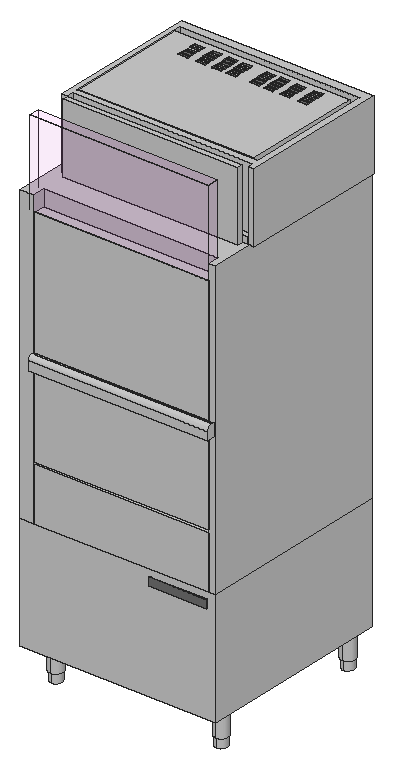
Revit family "PG66CRC", category Equipement spécialisé, Revit 2023
Family settings
  Cote de connecteur circulaire = Utiliser le diamètre
  Type d'élément = Normal
  Numéro OmniClass = 23.40.40.14
  Titre OmniClass = Food Service Equipment
  Basée sur le plan de construction = Non
  Autoriser la découpe dans les vues = Non
  Toujours verticalement = Oui
  Couper avec des vides une fois chargée = Non
  Conserver l'orientation des annotations = Non
  Partagée = Non
  Repère de localisation dans la pièce = Non
Parameters (values of type "6G3151_AA")
  URL catalogo = "https://www.comenda.fr/pdf/docs/Gi/GAMME_GI_2023.pdf"
  URL = "www.comenda.fr"
  Tensione = 400 V
  Temperatura raccomandata per acqua calda = 50 °C
  Show Logo [instance] = yes
  Show Clearance [instance] = yes
  Protezione contro le sovracorrenti = 16 A
  Elévation par défaut = 0 mm
  Profondità = 870 mm
  Pressione minima acqua calda = 200000.0 Pa
  Potenza elettrica = 9000 W
  Pessione minima acqua fredda = 200000.0 Pa
  Peso netto = 200.00 kg
  Numero dei poli = 3
  Modèle = "Gi 605 R CRC"
  Fabricant = "COMENDA"
  Lunghezza = 840 mm
  Frequenza = 50 Hz
  Fase = 3
  Diametro raccordo acqua calda = 3/4"
  Diametro dello scarico diretto di acqua = 1 3/8"
  Description = "THREE-PHASE FRONT LOADING POTWASHER WITH RCD"
  Corrente di funzionamento normale = 13.7 A
  Assembly Code = ""
  Altezza dello scarico diretto acqua da pavimento finito = 145 mm
  Altezza da terra raccordo acqua calda = 175 mm
  Altezza allacciamento elettrico da pavimento finito = 135 mm
  Altezza = 2190 mm
Types (2, lengths in mm): name | Profondità | Modèle | Lunghezza | Altezza
  6G3256_AA | 900 | "Gi 605H R CRC" | 860 | 2295
  6G3151_AA | 870 | "Gi 605 R CRC" | 840 | 2190
Reference planes
  plane 1 "Back": y = 0
  plane 2: z = 0
  plane 3 "Left": x = -30
  plane 4 "Right": x = 810
  plane 5 "Front": y = -870
  plane 6 "Top": z = 2190
Forms (mm)
  Revolve 1, solid
    sketch origin (60, 0, 0) x (0, 1, 0) y (0, 0, 1)
      loop
        line (-50, 135) -> (-80, 135) -> (-80, 0) -> (-55, 0) -> (-55, 40) -> (-50, 40) -> (-50, 135)
      axis (-80, 0) -> (-80, 135)
    angle from 0 to 360
  Revolve 2, solid
    sketch origin (60, -710, 0) x (0, 1, 0) y (0, 0, 1)
      loop
        line (-20, 135) -> (-50, 135) -> (-50, 0) -> (-25, 0) -> (-25, 40) -> (-20, 40) -> (-20, 135)
      axis (-50, 0) -> (-50, 135)
    angle from 0 to 360
  Revolve 3, solid
    sketch origin (770, 0, 0) x (0, 1, 0) y (0, 0, 1)
      loop
        line (-50, 135) -> (-80, 135) -> (-80, 0) -> (-55, 0) -> (-55, 40) -> (-50, 40) -> (-50, 135)
      axis (-80, 0) -> (-80, 135)
    angle from 0 to 360
  Revolve 4, solid
    sketch origin (770, -710, 0) x (0, 1, 0) y (0, 0, 1)
      loop
        line (-20, 135) -> (-50, 135) -> (-50, 0) -> (-25, 0) -> (-25, 40) -> (-20, 40) -> (-20, 135)
      axis (-50, 0) -> (-50, 135)
    angle from 0 to 360
  Extrusion 5, solid
    sketch origin (0, 0, 725.5) x (1, 0, 0) y (0, 1, 0)
      loop
        line (-30, 0) -> (-30, -840) -> (30, -840) -> (30, -790) -> (780, -790) -> (780, -840) -> (810, -840) -> (810, 0) -> (-30, 0)
    from -99.4 to 1164.5
  Extrusion 6, solid
    sketch origin (0, 0, 0) x (1, 0, 0) y (0, 1, 0)
      loop
        line (-30, 0) -> (-30, -840) -> (810, -840) -> (810, 0) -> (-30, 0)
    from 135 to 625
  Extrusion 7, solid
    sketch origin (30, 0, -174) x (0, 1, 0) y (0, 0, 1)
      loop
        line (-870, 1402.5) -> (-840, 1402.5) -> (-840, 1457.5) -> (-850, 1457.5)
        arc (-850, 1457.5) -> (-864.142, 1451.642) -> (-870, 1437.5) r 20
        line (-870, 1437.5) -> (-870, 1402.5)
    from 0 to 770
  Extrusion 8, solid
    sketch origin (0, 0, 625) x (1, 0, 0) y (0, 1, 0)
      loop
        line (30, -840) -> (778.5, -840) -> (778.5, -790) -> (30, -790) -> (30, -840)
    from 0 to 229
  Extrusion 9, solid
    sketch origin (0, 0, 714.969) x (1, 0, 0) y (0, 1, 0)
      loop
        line (30, -840) -> (778.5, -840) -> (778.5, -790) -> (30, -790) -> (30, -840)
    from 150 to 568.531
  Extrusion 10, solid
    sketch origin (-186.246, 1874.578, 2190) x (0, 1, 0) y (-1, 0, 0)
      loop
        line (-2714.578, -216.246) -> (-2714.578, -964.746) -> (-2664.578, -964.746) -> (-2664.578, -216.246) -> (-2714.578, -216.246)
    from -905.9 to -365.947
  Extrusion 11, solid, visible <- "Show Clearance", detail levels coarse
    sketch origin (30, 0, -119.416) x (0, 1, 0) y (0, 0, 1)
      loop
        line (-840, 984.386) -> (-840, 1354.386)
        arc (-840, 1354.386) -> (-1101.63, 1246.015) -> (-1210, 984.386) r 370
        line (-1210, 984.386) -> (-840, 984.386)
    from 0 to 768.5
  Extrusion 12, solid
    sketch origin (780, -840, 725.5) x (0, 1, 0) y (0, 0, -1)
      loop
        line (0, -1098.553) -> (0, -1464.953) -> (50, -1464.953) -> (50, -1098.553) -> (0, -1098.553)
    from 0 to 770
  Extrusion 13, void
    sketch origin (60, -760, 0) x (1, 0, 0) y (0, 1, 0)
      loop
        circle (-20, 130) r 9.55
    from 0 to 175
  Extrusion 14, void
    sketch origin (60, -760, 0) x (1, 0, 0) y (0, 1, 0)
      loop
        circle (539.96, 180) r 17.5
    from 0 to 145
  Extrusion 15, solid
    sketch origin (0, 0, 135) x (0, 1, 0) y (1, 0, 0)
      loop
        circle (-818, 725) r 4.875
    from 0 to 1
  Extrusion 16, solid
    sketch origin (0, 60, 1991.5) x (1, 0, 0) y (0, 1, 0)
      loop
        line (2.5, -75) -> (2.5, -715) -> (27.5, -715) -> (27.5, -690) -> (802.5, -690) -> (802.5, -715) -> (827.5, -715) -> (827.5, -75) -> (2.5, -75)
      loop
        line (802.5, -665) -> (802.5, -114.872) -> (27.5, -114.872) -> (27.5, -665) -> (802.5, -665)
    from -101.5 to 198.5
  Extrusion 17, solid
    sketch origin (0, 62, 1991.5) x (1, 0, 0) y (0, 1, 0)
      loop
        line (780.5, -146.872) -> (29.5, -146.872) -> (29.5, -663) -> (780.5, -663) -> (780.5, -146.872)
    from 170 to 198.5
  Extrusion 18, solid
    sketch origin (802.5, -630, 1991.5) x (-1, 0, 0) y (0, 0, -1)
      loop
        line (773, 73) -> (773, 99.5) -> (2, 99.5) -> (2, 73) -> (773, 73)
    from 0 to 25
  Extrusion 19, solid
    sketch origin (0, 62, 2190) x (1, 0, 0) y (0, 1, 0)
      loop
        line (138.948, -174.377) -> (138.948, -184.376) -> (178.948, -184.376) -> (178.948, -174.377) -> (138.948, -174.377)
      loop
        line (138.948, -194.377) -> (138.948, -204.377) -> (178.948, -204.377) -> (178.948, -194.377) -> (138.948, -194.377)
      loop
        line (138.948, -214.377) -> (138.948, -224.377) -> (178.948, -224.377) -> (178.948, -214.377) -> (138.948, -214.377)
      loop
        line (138.948, -234.377) -> (138.948, -244.377) -> (178.948, -244.377) -> (178.948, -234.377) -> (138.948, -234.377)
      loop
        line (138.948, -254.377) -> (138.948, -264.377) -> (178.948, -264.377) -> (178.948, -254.377) -> (138.948, -254.377)
      loop
        line (213.948, -174.377) -> (213.948, -184.376) -> (253.948, -184.376) -> (253.948, -174.377) -> (213.948, -174.377)
      loop
        line (213.948, -194.377) -> (213.948, -204.377) -> (253.948, -204.377) -> (253.948, -194.377) -> (213.948, -194.377)
      loop
        line (213.948, -214.377) -> (213.948, -224.377) -> (253.948, -224.377) -> (253.948, -214.377) -> (213.948, -214.377)
      loop
        line (213.948, -234.377) -> (213.948, -244.377) -> (253.948, -244.377) -> (253.948, -234.377) -> (213.948, -234.377)
      loop
        line (213.948, -254.377) -> (213.948, -264.377) -> (253.948, -264.377) -> (253.948, -254.377) -> (213.948, -254.377)
      loop
        line (283.948, -174.377) -> (283.948, -184.376) -> (323.948, -184.376) -> (323.948, -174.377) -> (283.948, -174.377)
      loop
        line (283.948, -194.377) -> (283.948, -204.377) -> (323.948, -204.377) -> (323.948, -194.377) -> (283.948, -194.377)
      loop
        line (283.948, -214.377) -> (283.948, -224.377) -> (323.948, -224.377) -> (323.948, -214.377) -> (283.948, -214.377)
      loop
        line (283.948, -234.377) -> (283.948, -244.377) -> (323.948, -244.377) -> (323.948, -234.377) -> (283.948, -234.377)
      loop
        line (283.948, -254.377) -> (283.948, -264.377) -> (323.948, -264.377) -> (323.948, -254.377) -> (283.948, -254.377)
      loop
        line (344.948, -174.377) -> (344.948, -184.376) -> (384.948, -184.376) -> (384.948, -174.377) -> (344.948, -174.377)
      loop
        line (344.948, -194.377) -> (344.948, -204.377) -> (384.948, -204.377) -> (384.948, -194.377) -> (344.948, -194.377)
      loop
        line (344.948, -214.377) -> (344.948, -224.377) -> (384.948, -224.377) -> (384.948, -214.377) -> (344.948, -214.377)
      loop
        line (344.948, -234.377) -> (344.948, -244.377) -> (384.948, -244.377) -> (384.948, -234.377) -> (344.948, -234.377)
      loop
        line (344.948, -254.377) -> (344.948, -264.377) -> (384.948, -264.377) -> (384.948, -254.377) -> (344.948, -254.377)
      loop
        line (691.148, -174.377) -> (651.148, -174.377) -> (651.148, -184.376) -> (691.148, -184.376) -> (691.148, -174.377)
      loop
        line (691.148, -194.377) -> (651.148, -194.377) -> (651.148, -204.377) -> (691.148, -204.377) -> (691.148, -194.377)
      loop
        line (691.148, -214.377) -> (651.148, -214.377) -> (651.148, -224.377) -> (691.148, -224.377) -> (691.148, -214.377)
      loop
        line (691.148, -234.377) -> (651.148, -234.377) -> (651.148, -244.377) -> (691.148, -244.377) -> (691.148, -234.377)
      loop
        line (691.148, -254.377) -> (651.148, -254.377) -> (651.148, -264.377) -> (691.148, -264.377) -> (691.148, -254.377)
      loop
        line (616.148, -174.377) -> (576.148, -174.377) -> (576.148, -184.376) -> (616.148, -184.376) -> (616.148, -174.377)
      loop
        line (616.148, -194.377) -> (576.148, -194.377) -> (576.148, -204.377) -> (616.148, -204.377) -> (616.148, -194.377)
      loop
        line (616.148, -214.377) -> (576.148, -214.377) -> (576.148, -224.377) -> (616.148, -224.377) -> (616.148, -214.377)
      loop
        line (616.148, -234.377) -> (576.148, -234.377) -> (576.148, -244.377) -> (616.148, -244.377) -> (616.148, -234.377)
      loop
        line (616.148, -254.377) -> (576.148, -254.377) -> (576.148, -264.377) -> (616.148, -264.377) -> (616.148, -254.377)
      loop
        line (546.148, -174.377) -> (506.148, -174.377) -> (506.148, -184.376) -> (546.148, -184.376) -> (546.148, -174.377)
      loop
        line (546.148, -194.377) -> (506.148, -194.377) -> (506.148, -204.377) -> (546.148, -204.377) -> (546.148, -194.377)
      loop
        line (546.148, -214.377) -> (506.148, -214.377) -> (506.148, -224.377) -> (546.148, -224.377) -> (546.148, -214.377)
      loop
        line (546.148, -234.377) -> (506.148, -234.377) -> (506.148, -244.377) -> (546.148, -244.377) -> (546.148, -234.377)
      loop
        line (546.148, -254.377) -> (506.148, -254.377) -> (506.148, -264.377) -> (546.148, -264.377) -> (546.148, -254.377)
      loop
        line (485.148, -174.377) -> (445.148, -174.377) -> (445.148, -184.376) -> (485.148, -184.376) -> (485.148, -174.377)
      loop
        line (485.148, -194.377) -> (445.148, -194.377) -> (445.148, -204.377) -> (485.148, -204.377) -> (485.148, -194.377)
      loop
        line (485.148, -214.377) -> (445.148, -214.377) -> (445.148, -224.377) -> (485.148, -224.377) -> (485.148, -214.377)
      loop
        line (485.148, -234.377) -> (445.148, -234.377) -> (445.148, -244.377) -> (485.148, -244.377) -> (485.148, -234.377)
      loop
        line (485.148, -254.377) -> (445.148, -254.377) -> (445.148, -264.377) -> (485.148, -264.377) -> (485.148, -254.377)
    from 0 to 0.5
  Extrusion 20, solid
    sketch origin (802, -660, 1925) x (-1, 0, 0) y (0, 0, -1)
      loop
        line (773, -265) -> (773, 33) -> (22, 33) -> (22, -265) -> (773, -265)
    from 0 to 25
  Extrusion 21, solid
    sketch origin (-9.962, -878.417, -1.285) x (-1, 0, 0) y (0, 0, 1)
      loop
        line (-789.783, 603.036) -> (-789.783, 568.036) -> (-539.783, 568.036) -> (-539.783, 603.036) -> (-789.783, 603.036)
    from 28.417 to 30
Cuts and joins
  Extrusion 13, Extrusion 14 cuts Extrusion 5
  Extrusion 13, Extrusion 14 cuts Extrusion 6
  joined: Extrusion 5, Extrusion 6
Lines and regions (mm)
  symbolic lines, style "200-EquipBorder-2D"
    curve 1: line (-30, 0, 0) -> (810, 0, 0)
    curve 2: line (-30, -840, 0) -> (-30, 0, 0)
    curve 3: line (810, -840, 0) -> (-30, -840, 0)
    curve 4: line (810, 0, 0) -> (810, -840, 0)
    curve 5: line (30, -840, 0) -> (30, -870, 0)
    curve 6: line (30, -870, 0) -> (778.5, -870, 0)
    curve 7: line (778.5, -870, 0) -> (778.5, -840, 0)
    curve 10: line (780, -790, 0) -> (780, -840, 0)
  symbolic lines, style "200-EquipInternal-2D"
    curve 8: line (30, -840, 0) -> (30, -790, 0)
    curve 9: line (30, -790, 0) -> (780, -790, 0)
  symbolic lines, style "QF_Door-Drawer Clearances", visible <- "Show Clearance"
    curve 11: line (30, -840, 0) -> (30, -1360, 0)
    curve 12: line (778.5, -1360, 0) -> (778.5, -840, 0)
    curve 13: line (30, -1360, 0) -> (778.5, -1360, 0)
  symbolic lines, style "200-InsPoint-3D"
    curve 14: circle (-30, 0, 0) r 0.2 normal (0, 0, 1)
    curve 15: circle (810, 0, 0) r 0.2 normal (0, 0, 1)
    curve 16: circle (-30, -840, 0) r 0.2 normal (0, 0, 1)
    curve 17: circle (810, -840, 0) r 0.2 normal (0, 0, 1)
Dimensions and locks
  "Lunghezza": plane 3 "Left" to plane 4 "Right"
  "Profondità": plane 5 "Front" to plane 1 "Back"
  plane 6 "Top" to level = 2190 mm
  "Altezza": plane 6 "Top" to level
  cut or joined group of Extrusion 5, Extrusion 6, Extrusion 13, Extrusion 14 to Extrusion 10 = 65.947 mm
  locked: level to Extrusion 8 at 854
  locked: cut or joined group of Extrusion 5, Extrusion 6, Extrusion 13, Extrusion 14 to Extrusion 12 at 65.947
  locked: Extrusion 9 to level at 864.969
  level to Extrusion 11 sketch curve to Extrusion 11 sketch curve = 864.969 mm locked, 370 mm
  cut or joined group of Extrusion 5, Extrusion 6, Extrusion 13, Extrusion 14 to Extrusion 10 = 605.9 mm
  locked: Extrusion 10 to Extrusion 7 at 55.6
  locked: cut or joined group of Extrusion 5, Extrusion 6, Extrusion 13, Extrusion 14 to level at 625
  locked: cut or joined group of Extrusion 5, Extrusion 6, Extrusion 13, Extrusion 14 to level at 135
  locked: Extrusion 16 sketch curve to Extrusion 16 sketch curve at 825
  locked: Extrusion 16 sketch curve to Extrusion 16 sketch curve at 640
  locked: Extrusion 16 sketch curve to Extrusion 16 sketch curve at 25  (x3)
  Extrusion 18 to cut or joined group of Extrusion 5, Extrusion 6, Extrusion 13, Extrusion 14 = 28.5 mm
  Extrusion 16 to plane 1 "Back" = 15 mm
  locked: plane 6 "Top" to cut or joined group of Extrusion 5, Extrusion 6, Extrusion 13, Extrusion 14 at 300
  locked: Extrusion 17 to plane 1 "Back" at 84.872
  locked: plane 6 "Top" to Extrusion 17 at 28.5
  aligned and locked: level to plane 2
  aligned and locked: Extrusion 12 sketch curve to Extrusion 10  (x2)
  aligned and locked: cut or joined group of Extrusion 5, Extrusion 6, Extrusion 13, Extrusion 14 to Extrusion 12 sketch curve
  aligned and locked: Extrusion 18 to Extrusion 16  (x2)
  aligned and locked: plane 6 "Top" to Extrusion 16
  aligned and locked: plane 6 "Top" to Extrusion 17
  aligned and locked: Extrusion 5 to Extrusion 16
  aligned and locked: Extrusion 7 to Extrusion 9
  aligned and locked: curve 5 to Extrusion 7
Automatic sketch dimensions
  Revolve 1 sketch curve to level = 0 mm
  plane 1 "Back" to Revolve 1 sketch curve = 80 mm
  Revolve 1 sketch curve to Revolve 1 sketch curve = 25 mm
  Revolve 1 sketch curve to Revolve 1 sketch curve = 5 mm
  level to Revolve 1 sketch curve = 40 mm
  Revolve 1 sketch curve to Revolve 1 sketch curve = 95 mm
  Revolve 1 sketch curve to Revolve 1 sketch curve = 0 mm
  Revolve 1 sketch curve to Revolve 1 sketch curve = 35 mm
  Revolve 1 sketch curve to Revolve 1 sketch curve = 15 mm
  Revolve 2 sketch curve to level = 0 mm
  plane 5 "Front" to Revolve 2 sketch curve = 110 mm
  Revolve 2 sketch curve to Revolve 2 sketch curve = 25 mm
  Revolve 2 sketch curve to Revolve 2 sketch curve = 5 mm
  level to Revolve 2 sketch curve = 40 mm
  Revolve 2 sketch curve to Revolve 2 sketch curve = 95 mm
  Revolve 2 sketch curve to Revolve 2 sketch curve = 0 mm
  Revolve 2 sketch curve to Revolve 2 sketch curve = 35 mm
  Revolve 2 sketch curve to Revolve 2 sketch curve = 15 mm
  Revolve 3 sketch curve to level = 0 mm
  plane 1 "Back" to Revolve 3 sketch curve = 80 mm
  Revolve 3 sketch curve to Revolve 3 sketch curve = 25 mm
  Revolve 3 sketch curve to Revolve 3 sketch curve = 5 mm
  level to Revolve 3 sketch curve = 40 mm
  Revolve 3 sketch curve to Revolve 3 sketch curve = 95 mm
  Revolve 3 sketch curve to Revolve 3 sketch curve = 0 mm
  Revolve 3 sketch curve to Revolve 3 sketch curve = 35 mm
  Revolve 3 sketch curve to Revolve 3 sketch curve = 15 mm
  Revolve 4 sketch curve to level = 0 mm
  plane 5 "Front" to Revolve 4 sketch curve = 110 mm
  Revolve 4 sketch curve to Revolve 4 sketch curve = 25 mm
  Revolve 4 sketch curve to Revolve 4 sketch curve = 5 mm
  level to Revolve 4 sketch curve = 40 mm
  Revolve 4 sketch curve to Revolve 4 sketch curve = 95 mm
  Revolve 4 sketch curve to Revolve 4 sketch curve = 0 mm
  Revolve 4 sketch curve to Revolve 4 sketch curve = 35 mm
  Revolve 4 sketch curve to Revolve 4 sketch curve = 15 mm
  plane 1 "Back" to Extrusion 5 sketch curve = 0 mm
  Extrusion 5 sketch curve to plane 3 "Left" = 0 mm
  Extrusion 5 sketch curve to plane 4 "Right" = 0 mm
  plane 3 "Left" to Extrusion 5 sketch curve = 60 mm
  Extrusion 5 sketch curve to Extrusion 5 sketch curve = 30 mm
  plane 5 "Front" to Extrusion 5 sketch curve = 80 mm
  plane 5 "Front" to Extrusion 5 sketch curve = 30 mm  (x2)
  Extrusion 6 sketch curve to plane 3 "Left" = 0 mm
  Extrusion 6 sketch curve to plane 4 "Right" = 0 mm
  plane 1 "Back" to Extrusion 6 sketch curve = 0 mm
  plane 5 "Front" to Extrusion 6 sketch curve = 30 mm
  Extrusion 7 sketch curve to plane 5 "Front" = 0 mm
  Extrusion 7 sketch curve to Extrusion 7 sketch curve = 20 mm
  Extrusion 7 sketch curve to Extrusion 7 sketch curve = 30 mm
  Extrusion 7 sketch curve to plane 6 "Top" = 961.5 mm
  Extrusion 7 sketch curve to Extrusion 7 sketch curve = 35 mm
  plane 3 "Left" to Extrusion 8 sketch curve = 60 mm
  plane 4 "Right" to Extrusion 8 sketch curve = 31.5 mm
  plane 5 "Front" to Extrusion 8 sketch curve = 30 mm
  Extrusion 8 sketch curve to Extrusion 8 sketch curve = 50 mm
  plane 3 "Left" to Extrusion 9 sketch curve = 60 mm
  plane 4 "Right" to Extrusion 9 sketch curve = 31.5 mm
  plane 5 "Front" to Extrusion 9 sketch curve = 30 mm
  Extrusion 9 sketch curve to Extrusion 9 sketch curve = 50 mm
  plane 5 "Front" to Extrusion 10 sketch curve = 30 mm
  Extrusion 10 sketch curve to Extrusion 10 sketch curve = 50 mm
  plane 4 "Right" to Extrusion 10 sketch curve = 31.5 mm
  plane 3 "Left" to Extrusion 10 sketch curve = 60 mm
  Extrusion 11 sketch curve to plane 5 "Front" = 340 mm
  Revolve 2 to Extrusion 13 sketch curve = 20 mm
  Extrusion 14 sketch curve to Revolve 2 = 539.96 mm
  Extrusion 6 to Extrusion 15 sketch curve = 22 mm
  Extrusion 6 to Extrusion 15 sketch curve = 85 mm
  plane 3 "Left" to Extrusion 16 sketch curve = 32.5 mm
  Extrusion 16 sketch curve to Extrusion 16 sketch curve = 0 mm  (x2)
  plane 5 "Front" to Extrusion 16 sketch curve = 215 mm
  Extrusion 16 sketch curve to Extrusion 16 sketch curve = 25 mm  (x2)
  Extrusion 16 sketch curve to Extrusion 16 sketch curve = 39.872 mm
  plane 3 "Left" to Extrusion 17 sketch curve = 59.5 mm
  plane 4 "Right" to Extrusion 17 sketch curve = 29.5 mm
  plane 5 "Front" to Extrusion 17 sketch curve = 269 mm
  plane 1 "Back" to Extrusion 17 sketch curve = 84.872 mm
  Extrusion 18 sketch curve to Extrusion 16 = 2 mm
  Extrusion 16 to Extrusion 18 sketch curve = 2 mm  (x2)
  Extrusion 16 to Extrusion 18 sketch curve = 271.5 mm
  Extrusion 19 sketch curve to Extrusion 17 = 27.505 mm  (x5)
  Extrusion 19 sketch curve to Extrusion 17 = 109.448 mm
  Extrusion 19 sketch curve to Extrusion 19 sketch curve = 0 mm  (x58)
  Extrusion 19 sketch curve to Extrusion 19 sketch curve = 40 mm  (x10)
  Extrusion 19 sketch curve to Extrusion 19 sketch curve = 35 mm  (x4)
  Extrusion 19 sketch curve to Extrusion 19 sketch curve = 30 mm  (x4)
  Extrusion 19 sketch curve to Extrusion 19 sketch curve = 21 mm  (x4)
  Extrusion 19 sketch curve to Extrusion 19 sketch curve = 60.2 mm
  Extrusion 19 sketch curve to Extrusion 19 sketch curve = 10 mm  (x72)
  Extrusion 19 sketch curve to Extrusion 17 = 37.505 mm
  Extrusion 12 sketch curve to Extrusion 5 = 300.453 mm
  curve 16 to plane 3 "Left" = 0 mm
  curve 2 to plane 3 "Left" = 0 mm
  plane 1 "Back" to curve 14 = 0 mm
  curve 14 to plane 3 "Left" = 0 mm
  curve 7 to plane 5 "Front" = 0 mm
  plane 1 "Back" to curve 4 = 0 mm
  curve 4 to plane 4 "Right" = 0 mm
  plane 1 "Back" to curve 15 = 0 mm
  curve 15 to plane 4 "Right" = 0 mm
  curve 17 to plane 4 "Right" = 0 mm
  plane 3 "Left" to curve 13 = 60 mm
  curve 9 to curve 5 = 0 mm
  plane 4 "Right" to curve 13 = 31.5 mm
  curve 7 to curve 12 = 0 mm
  plane 4 "Right" to curve 10 = 30 mm
  curve 12 to plane 5 "Front" = 490 mm
  plane 5 "Front" to curve 4 = 30 mm
  curve 16 to curve 2 = 0 mm
  curve 17 to curve 3 = 0 mm
  curve 10 to curve 9 = 50 mm
  Extrusion 20 sketch curve to plane 6 "Top" = 0 mm
  plane 4 "Right" to Extrusion 20 sketch curve = 30 mm
  plane 3 "Left" to Extrusion 20 sketch curve = 59 mm
  Extrusion 20 sketch curve to plane 6 "Top" = 298 mm
  plane 4 "Right" to Extrusion 21 sketch curve = 30.179 mm
  Extrusion 21 sketch curve to Extrusion 21 sketch curve = 250 mm
  level to Extrusion 21 sketch curve = 566.75 mm
  Extrusion 21 sketch curve to Extrusion 21 sketch curve = 35 mm
  radius of Extrusion 13 sketch curve = 9.55 mm
  radius of Extrusion 14 sketch curve = 17.5 mm
  radius of Extrusion 15 sketch curve = 4.875 mm
  radius of curve 14 = 0.2 mm
  radius of curve 15 = 0.2 mm
  radius of curve 16 = 0.2 mm
  radius of curve 17 = 0.2 mm
Connectors
  piping at (599.96, -580, 145), diameter 34.925, driven by "Diametro dello scarico diretto di acqua"
    settings: on cut or joined group of Extrusion 5, Extrusion 6, Extrusion 13, Extrusion 14, index 1, connector inside diameter 24", connector length 0 mm, flow factor 0, pipe flow 0.0 L/s, pressure drop 0.0 Pa, fitting loss kfactor 0, connector angle 0.00°, fixture units 0, engagement length 0 mm, angle of deflection 0.00°, flow configuration 0, flow direction 2, fitting loss method 0, system type 7, joint type 0, gender type 0, connector reference index -1, connector utility 0, adjustable connector no, is connector primary yes, connector description "QF_DRAIN_CONNECTION"
  piping at (40, -630, 175), diameter 19.05, driven by "Diametro raccordo acqua calda"
    settings: on cut or joined group of Extrusion 5, Extrusion 6, Extrusion 13, Extrusion 14, index 2, connector inside diameter 24", connector length 0 mm, flow factor 0, pipe flow 0.0 L/s, pressure drop 0.0 Pa, fitting loss kfactor 0, connector angle 0.00°, fixture units 0, engagement length 0 mm, angle of deflection 0.00°, flow configuration 0, flow direction 1, fitting loss method 0, system type 7, joint type 0, gender type 0, connector reference index -1, connector utility 0, adjustable connector no, is connector primary no, connector description "WATER_CONNECTION"
  electrical at (725, -818, 135), driven by "Numero dei poli", driven by "Tensione", driven by "Potenza elettrica"
    settings: on Extrusion 15, index 3, voltage 400 V, apparent load 9000 VA, apparent load phase1 0 VA, apparent load phase2 0 VA, apparent load phase3 0 VA, power factor 1, load classification "Altro", number of poles 3, system type 30, power factor state 1, is connector primary yes, connector utility no, sub classification motor no, connector description "QF_ELECTRICAL_CONNECTION"
